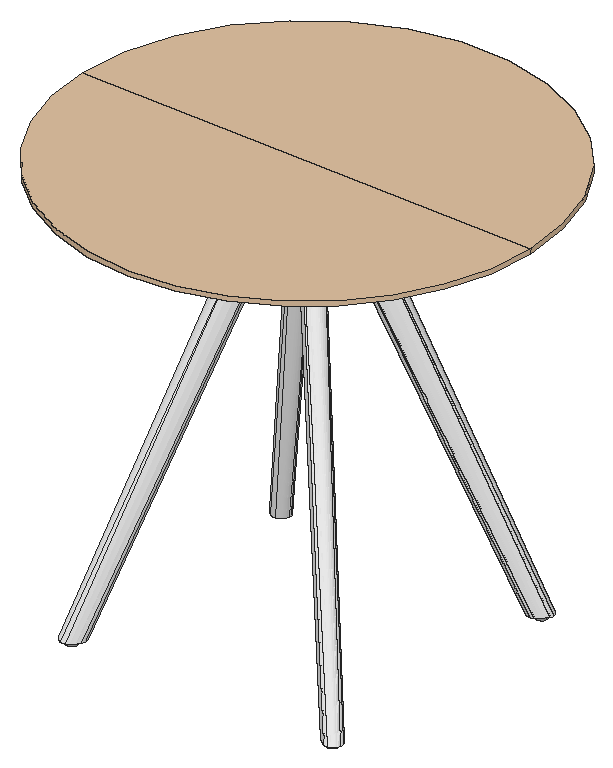
Revit family "FU_Table_Sandler_Stiks 8-2", category Furniture, Revit 2020
Family settings
  OmniClass Number = 23.40.20.00
  OmniClass Title = General Furniture and Specialties
  Work Plane-Based = No
  Always vertical = Yes
  Cut with Voids When Loaded = No
  Shared = No
  Room Calculation Point = No
Parameters (values of type "Stiks 8.2 - 80cm / 32" Top")
  Frame Width = 505 mm  # constant formula
  URL = "https://www.sandlerseating.com/product/stiks-8-2/"
  Top Finish [instance] = Wood - Oak - Natural - V
  Top Size = IC_TAP_Round : TAP0080 - 80cm / 32" Diameter
  Model = "Stiks 8.2"
  Manufacturer = "Sandler"
  Height = 750 mm  # constant formula
  Frame [instance] = Lacquer - W1 - W01 White
  Description = "Table with top and legs in natural oak. Tops and legs are available in natural oak color, lacquered or varnished."
  Frame Depth = 505 mm  # constant formula
  Default Elevation = 0 mm
Types (4, lengths in mm): name | Top Size
  (no name) | IC_TAP_Round : TAP0080 - 80cm / 32" Diameter
  Stiks 8.2 - 60cm / 24" Top | IC_TAP_Round : TAP0060 - 60cm / 24" Diameter
  Stiks 8.2 - 70cm / 28" Top | IC_TAP_Round : TAP0070 - 70cm / 28" Diameter
  Stiks 8.2 - 80cm / 32" Top | IC_TAP_Round : TAP0080 - 80cm / 32" Diameter
Reference planes
  plane 1 "Center (Front/Back)": y = 0
  plane 2: z = 0
  plane 3 "Center (Left/Right)": x = 0
  plane 4 "Right": x = -252.5
  plane 5 "Left": x = 252.5
  plane 6 "Back": y = 252.5
  plane 7 "Front": y = -252.5
  plane 8 "Height": z = 750
  plane 9 "Top Base": z = 727
  plane 10 "Left Legs FRONT": through (233.138, -1524, 10.462) normal (-0.96, 0, -0.28)
  plane 11 "Glide Heoght": z = 7.043
Forms (mm)
  Blend 1, solid, material "Lacquer - W1 - W01 White" <- "Frame"
    base sketch origin (0, 0, 0) x (1, 0, 0) y (0, 1, 0)
      loop
        arc (229.864, -250.295) -> (234.042, -251.328) -> (238.306, -250.747) r 11.457
        arc (238.306, -250.747) -> (246.288, -245.855) -> (250.906, -237.719) r 18.848
        arc (250.906, -237.719) -> (251.276, -233.75) -> (250.265, -229.894) r 11.457
        arc (250.265, -229.894) -> (243.412, -221) -> (234.794, -213.803) r 51.48
        arc (234.794, -213.803) -> (230.345, -212.136) -> (225.596, -212.391) r 11.457
        arc (225.596, -212.391) -> (216.946, -217.56) -> (212.195, -226.446) r 18.848
        arc (212.195, -226.446) -> (212.175, -230.787) -> (213.772, -234.824) r 11.457
        arc (213.772, -234.824) -> (220.97, -243.442) -> (229.864, -250.295) r 51.48
    top sketch origin (0, 0, 0) x (1, 0, 0) y (0, 1, 0)
      loop
        arc (23.886, -1.654) -> (6.502, -6.606) -> (1.538, -23.987) r 18.597
        arc (1.538, -23.987) -> (13.217, -39.618) -> (28.846, -51.303) r 68.199
        arc (28.846, -51.303) -> (46.236, -46.34) -> (51.187, -28.946) r 18.597
        arc (51.187, -28.946) -> (39.508, -13.328) -> (23.886, -1.654) r 68.199
    from 7.043 to 721
  Blend 2, solid, material "Lacquer - W1 - W01 White" <- "Frame"
    base sketch origin (0, 0, 0) x (-1, 0, 0) y (0, -1, 0)
      loop
        arc (229.864, 250.295) -> (220.97, 243.442) -> (213.772, 234.824) r 51.48
        arc (213.772, 234.824) -> (212.175, 230.787) -> (212.195, 226.446) r 11.457
        arc (212.195, 226.446) -> (216.946, 217.56) -> (225.596, 212.391) r 18.848
        arc (225.596, 212.391) -> (230.345, 212.136) -> (234.794, 213.803) r 11.457
        arc (234.794, 213.803) -> (243.412, 221) -> (250.265, 229.894) r 51.48
        arc (250.265, 229.894) -> (251.276, 233.75) -> (250.906, 237.719) r 11.457
        arc (250.906, 237.719) -> (246.288, 245.855) -> (238.306, 250.747) r 18.848
        arc (238.306, 250.747) -> (234.042, 251.328) -> (229.864, 250.295) r 11.457
    top sketch origin (0, 0, 0) x (-1, 0, 0) y (0, -1, 0)
      loop
        arc (23.886, 1.654) -> (39.508, 13.328) -> (51.187, 28.946) r 68.199
        arc (51.187, 28.946) -> (46.236, 46.34) -> (28.846, 51.303) r 18.597
        arc (28.846, 51.303) -> (13.217, 39.618) -> (1.538, 23.987) r 68.199
        arc (1.538, 23.987) -> (6.502, 6.606) -> (23.886, 1.654) r 18.597
    from 7.043 to 721
  Blend 3, solid, material "Lacquer - W1 - W01 White" <- "Frame"
    base sketch origin (0, 0, 0) x (-1, 0, 0) y (0, -1, 0)
      loop
        arc (229.864, -250.295) -> (234.042, -251.328) -> (238.306, -250.747) r 11.457
        arc (238.306, -250.747) -> (246.288, -245.855) -> (250.906, -237.719) r 18.848
        arc (250.906, -237.719) -> (251.276, -233.75) -> (250.265, -229.894) r 11.457
        arc (250.265, -229.894) -> (243.412, -221) -> (234.794, -213.803) r 51.48
        arc (234.794, -213.803) -> (230.345, -212.136) -> (225.596, -212.391) r 11.457
        arc (225.596, -212.391) -> (216.946, -217.56) -> (212.195, -226.446) r 18.848
        arc (212.195, -226.446) -> (212.175, -230.787) -> (213.772, -234.824) r 11.457
        arc (213.772, -234.824) -> (220.97, -243.442) -> (229.864, -250.295) r 51.48
    top sketch origin (0, 0, 0) x (-1, 0, 0) y (0, -1, 0)
      loop
        arc (23.886, -1.654) -> (6.502, -6.606) -> (1.538, -23.987) r 18.597
        arc (1.538, -23.987) -> (13.217, -39.618) -> (28.846, -51.303) r 68.199
        arc (28.846, -51.303) -> (46.236, -46.34) -> (51.187, -28.946) r 18.597
        arc (51.187, -28.946) -> (39.508, -13.328) -> (23.886, -1.654) r 68.199
    from 7.043 to 721
  Blend 4, solid, material "Lacquer - W1 - W01 White" <- "Frame"
    base sketch origin (0, 0, 0) x (1, 0, 0) y (0, 1, 0)
      loop
        arc (229.864, 250.295) -> (220.97, 243.442) -> (213.772, 234.824) r 51.48
        arc (213.772, 234.824) -> (212.175, 230.787) -> (212.195, 226.446) r 11.457
        arc (212.195, 226.446) -> (216.946, 217.56) -> (225.596, 212.391) r 18.848
        arc (225.596, 212.391) -> (230.345, 212.136) -> (234.794, 213.803) r 11.457
        arc (234.794, 213.803) -> (243.412, 221) -> (250.265, 229.894) r 51.48
        arc (250.265, 229.894) -> (251.276, 233.75) -> (250.906, 237.719) r 11.457
        arc (250.906, 237.719) -> (246.288, 245.855) -> (238.306, 250.747) r 18.848
        arc (238.306, 250.747) -> (234.042, 251.328) -> (229.864, 250.295) r 11.457
    top sketch origin (0, 0, 0) x (1, 0, 0) y (0, 1, 0)
      loop
        arc (23.886, 1.654) -> (39.508, 13.328) -> (51.187, 28.946) r 68.199
        arc (51.187, 28.946) -> (46.236, 46.34) -> (28.846, 51.303) r 18.597
        arc (28.846, 51.303) -> (13.217, 39.618) -> (1.538, 23.987) r 68.199
        arc (1.538, 23.987) -> (6.502, 6.606) -> (23.886, 1.654) r 18.597
    from 7.043 to 721
  Extrusion 5, solid, material "Metal - Steel - Matt-Satin"
    sketch origin (0, 0, 727) x (-1, 0, 0) y (0, -1, 0)
      loop
        circle (0, 0) r 120
    from 0 to -7.973
  Extrusion 6, solid, material "Rubber, Black"
    sketch origin (0, 0, 0) x (1, 0, 0) y (0, 1, 0)
      loop
        circle (-232.501, -232.813) r 10
    from 0 to 7.043
  Extrusion 7, solid, material "Rubber, Black"
    sketch origin (0, 0, 0) x (-1, 0, 0) y (0, -1, 0)
      loop
        circle (-232.501, 232.813) r 10
    from 0 to 7.043
  Extrusion 8, solid, material "Rubber, Black"
    sketch origin (0, 0, 0) x (1, 0, 0) y (0, 1, 0)
      loop
        circle (-232.501, 232.813) r 10
    from 0 to 7.043
  Extrusion 9, solid, material "Rubber, Black"
    sketch origin (0, 0, 0) x (-1, 0, 0) y (0, -1, 0)
      loop
        circle (-232.501, -232.813) r 10
    from 0 to 7.043
Dimensions and locks
  equal spacing: plane 4 "Right", plane 3 "Center (Left/Right)", plane 5 "Left"
  "Frame Width": plane 4 "Right" to plane 5 "Left"
  equal spacing: plane 6 "Back", plane 1 "Center (Front/Back)", plane 7 "Front"
  "Frame Depth": plane 6 "Back" to plane 7 "Front"
  "Height": plane 8 "Height" to level
  plane 8 "Height" to plane 9 "Top Base" = 23 mm
  aligned and locked: level to plane 2
  aligned and locked: Blend 1 to plane 11 "Glide Heoght"
Automatic sketch dimensions
  Blend 1 sketch curve to plane 7 "Front" = 4.179 mm
  plane 5 "Left" to Blend 1 sketch curve = 46.199 mm
  plane 5 "Left" to Blend 1 sketch curve = 29.065 mm
  Blend 1 sketch curve to Blend 1 sketch curve = 5.202 mm  (x4)
  Blend 1 sketch curve to Blend 1 sketch curve = 1.95 mm  (x2)
  Blend 1 sketch curve to Blend 1 sketch curve = 2.169 mm  (x2)
  Blend 1 sketch curve to Blend 1 sketch curve = 1.9 mm  (x2)
  Blend 1 sketch curve to plane 5 "Left" = 4.149 mm
  plane 7 "Front" to Blend 1 sketch curve = 12.613 mm
  Blend 1 sketch curve to Blend 1 sketch curve = 17.134 mm
  Blend 1 sketch curve to Blend 1 sketch curve = 11.24 mm
  Blend 1 sketch curve to Blend 1 sketch curve = 1.578 mm
  Blend 1 sketch curve to Blend 1 sketch curve = 3.04 mm
  Blend 1 sketch curve to Blend 1 sketch curve = 0.007 mm  (x2)
  plane 7 "Front" to Blend 1 sketch curve = 2.205 mm
  Blend 1 sketch curve to Blend 1 sketch curve = 4.792 mm
  Blend 1 sketch curve to Blend 1 sketch curve = 9.191 mm
  plane 7 "Front" to Blend 1 sketch curve = 1.753 mm
  plane 5 "Left" to Blend 1 sketch curve = 2.235 mm
  plane 5 "Left" to Blend 1 sketch curve = 1.594 mm
  Blend 1 sketch curve to Blend 1 sketch curve = 0.025 mm
  Blend 1 sketch curve to plane 3 "Center (Left/Right)" = 8.71 mm
  plane 3 "Center (Left/Right)" to Blend 1 sketch curve = 19.647 mm
  Blend 1 sketch curve to Blend 1 sketch curve = 13.434 mm  (x2)
  Blend 1 sketch curve to plane 1 "Center (Front/Back)" = 8.599 mm
  Blend 1 sketch curve to Blend 1 sketch curve = 28.366 mm
  plane 1 "Center (Front/Back)" to Blend 1 sketch curve = 19.761 mm
  Blend 1 sketch curve to Blend 1 sketch curve = 28.364 mm
  plane 3 "Center (Left/Right)" to Blend 1 sketch curve = 1.538 mm
  Blend 1 sketch curve to Blend 1 sketch curve = 4.239 mm
  Blend 1 sketch curve to Blend 1 sketch curve = 4.236 mm
  Blend 1 sketch curve to Blend 1 sketch curve = 18.105 mm
  plane 7 "Front" to Blend 2 sketch curve = 4.179 mm
  plane 4 "Right" to Blend 2 sketch curve = 46.199 mm
  plane 4 "Right" to Blend 2 sketch curve = 29.065 mm
  Blend 2 sketch curve to Blend 2 sketch curve = 5.202 mm  (x4)
  Blend 2 sketch curve to Blend 2 sketch curve = 1.95 mm  (x2)
  Blend 2 sketch curve to Blend 2 sketch curve = 2.169 mm  (x2)
  Blend 2 sketch curve to Blend 2 sketch curve = 1.9 mm  (x2)
  Blend 2 sketch curve to plane 4 "Right" = 4.149 mm
  Blend 2 sketch curve to plane 7 "Front" = 12.613 mm
  Blend 2 sketch curve to Blend 2 sketch curve = 17.134 mm
  Blend 2 sketch curve to Blend 2 sketch curve = 11.24 mm
  Blend 2 sketch curve to Blend 2 sketch curve = 1.578 mm
  Blend 2 sketch curve to Blend 2 sketch curve = 3.04 mm
  Blend 2 sketch curve to Blend 2 sketch curve = 0.007 mm  (x2)
  Blend 2 sketch curve to plane 7 "Front" = 2.205 mm
  Blend 2 sketch curve to Blend 2 sketch curve = 4.792 mm
  Blend 2 sketch curve to Blend 2 sketch curve = 9.191 mm
  Blend 2 sketch curve to plane 7 "Front" = 1.753 mm
  plane 4 "Right" to Blend 2 sketch curve = 2.235 mm
  plane 4 "Right" to Blend 2 sketch curve = 1.594 mm
  Blend 2 sketch curve to Blend 2 sketch curve = 0.025 mm
  Blend 2 sketch curve to plane 3 "Center (Left/Right)" = 8.71 mm
  plane 3 "Center (Left/Right)" to Blend 2 sketch curve = 19.647 mm
  Blend 2 sketch curve to Blend 2 sketch curve = 13.434 mm  (x2)
  plane 1 "Center (Front/Back)" to Blend 2 sketch curve = 8.599 mm
  Blend 2 sketch curve to Blend 2 sketch curve = 28.366 mm
  Blend 2 sketch curve to plane 1 "Center (Front/Back)" = 19.761 mm
  Blend 2 sketch curve to Blend 2 sketch curve = 28.364 mm
  plane 3 "Center (Left/Right)" to Blend 2 sketch curve = 1.538 mm
  Blend 2 sketch curve to Blend 2 sketch curve = 4.239 mm
  Blend 2 sketch curve to Blend 2 sketch curve = 4.236 mm
  Blend 2 sketch curve to Blend 2 sketch curve = 18.105 mm
  plane 6 "Back" to Blend 3 sketch curve = 4.179 mm
  Blend 3 sketch curve to plane 4 "Right" = 46.199 mm
  Blend 3 sketch curve to plane 4 "Right" = 29.065 mm
  Blend 3 sketch curve to Blend 3 sketch curve = 5.202 mm  (x4)
  Blend 3 sketch curve to Blend 3 sketch curve = 1.95 mm  (x2)
  Blend 3 sketch curve to Blend 3 sketch curve = 2.169 mm  (x2)
  Blend 3 sketch curve to Blend 3 sketch curve = 1.9 mm  (x2)
  plane 4 "Right" to Blend 3 sketch curve = 4.149 mm
  Blend 3 sketch curve to plane 6 "Back" = 12.613 mm
  Blend 3 sketch curve to Blend 3 sketch curve = 17.134 mm
  Blend 3 sketch curve to Blend 3 sketch curve = 11.24 mm
  Blend 3 sketch curve to Blend 3 sketch curve = 1.578 mm
  Blend 3 sketch curve to Blend 3 sketch curve = 3.04 mm
  Blend 3 sketch curve to Blend 3 sketch curve = 0.007 mm  (x2)
  Blend 3 sketch curve to plane 6 "Back" = 2.205 mm
  Blend 3 sketch curve to Blend 3 sketch curve = 4.792 mm
  Blend 3 sketch curve to Blend 3 sketch curve = 9.191 mm
  Blend 3 sketch curve to plane 6 "Back" = 1.753 mm
  Blend 3 sketch curve to plane 4 "Right" = 2.235 mm
  Blend 3 sketch curve to plane 4 "Right" = 1.594 mm
  Blend 3 sketch curve to Blend 3 sketch curve = 0.025 mm
  plane 3 "Center (Left/Right)" to Blend 3 sketch curve = 8.71 mm
  Blend 3 sketch curve to plane 3 "Center (Left/Right)" = 19.647 mm
  Blend 3 sketch curve to Blend 3 sketch curve = 13.434 mm  (x2)
  plane 1 "Center (Front/Back)" to Blend 3 sketch curve = 8.599 mm
  Blend 3 sketch curve to Blend 3 sketch curve = 28.366 mm
  Blend 3 sketch curve to plane 1 "Center (Front/Back)" = 19.761 mm
  Blend 3 sketch curve to Blend 3 sketch curve = 28.364 mm
  Blend 3 sketch curve to plane 3 "Center (Left/Right)" = 1.538 mm
  Blend 3 sketch curve to Blend 3 sketch curve = 4.239 mm
  Blend 3 sketch curve to Blend 3 sketch curve = 4.236 mm
  Blend 3 sketch curve to Blend 3 sketch curve = 18.105 mm
  Blend 4 sketch curve to plane 6 "Back" = 4.179 mm
  Blend 4 sketch curve to plane 5 "Left" = 46.199 mm
  Blend 4 sketch curve to plane 5 "Left" = 29.065 mm
  Blend 4 sketch curve to Blend 4 sketch curve = 5.202 mm  (x4)
  Blend 4 sketch curve to Blend 4 sketch curve = 1.95 mm  (x2)
  Blend 4 sketch curve to Blend 4 sketch curve = 2.169 mm  (x2)
  Blend 4 sketch curve to Blend 4 sketch curve = 1.9 mm  (x2)
  plane 5 "Left" to Blend 4 sketch curve = 4.149 mm
  plane 6 "Back" to Blend 4 sketch curve = 12.613 mm
  Blend 4 sketch curve to Blend 4 sketch curve = 17.134 mm
  Blend 4 sketch curve to Blend 4 sketch curve = 11.24 mm
  Blend 4 sketch curve to Blend 4 sketch curve = 1.578 mm
  Blend 4 sketch curve to Blend 4 sketch curve = 3.04 mm
  Blend 4 sketch curve to Blend 4 sketch curve = 0.007 mm  (x2)
  plane 6 "Back" to Blend 4 sketch curve = 2.205 mm
  Blend 4 sketch curve to Blend 4 sketch curve = 4.792 mm
  Blend 4 sketch curve to Blend 4 sketch curve = 9.191 mm
  plane 6 "Back" to Blend 4 sketch curve = 1.753 mm
  Blend 4 sketch curve to plane 5 "Left" = 2.235 mm
  Blend 4 sketch curve to plane 5 "Left" = 1.594 mm
  Blend 4 sketch curve to Blend 4 sketch curve = 0.025 mm
  plane 3 "Center (Left/Right)" to Blend 4 sketch curve = 8.71 mm
  Blend 4 sketch curve to plane 3 "Center (Left/Right)" = 19.647 mm
  Blend 4 sketch curve to Blend 4 sketch curve = 13.434 mm  (x2)
  Blend 4 sketch curve to plane 1 "Center (Front/Back)" = 8.599 mm
  Blend 4 sketch curve to Blend 4 sketch curve = 28.366 mm
  plane 1 "Center (Front/Back)" to Blend 4 sketch curve = 19.761 mm
  Blend 4 sketch curve to Blend 4 sketch curve = 28.364 mm
  Blend 4 sketch curve to plane 3 "Center (Left/Right)" = 1.538 mm
  Blend 4 sketch curve to Blend 4 sketch curve = 4.239 mm
  Blend 4 sketch curve to Blend 4 sketch curve = 4.236 mm
  Blend 4 sketch curve to Blend 4 sketch curve = 18.105 mm
  plane 1 "Center (Front/Back)" to Extrusion 5 sketch curve = 0 mm
  Extrusion 5 sketch curve to plane 3 "Center (Left/Right)" = 0 mm
  Extrusion 6 sketch curve to plane 4 "Right" = 19.999 mm
  plane 7 "Front" to Extrusion 6 sketch curve = 19.687 mm
  Extrusion 7 sketch curve to plane 5 "Left" = 19.999 mm
  Extrusion 7 sketch curve to plane 7 "Front" = 19.687 mm
  plane 4 "Right" to Extrusion 8 sketch curve = 19.999 mm
  plane 6 "Back" to Extrusion 8 sketch curve = 19.687 mm
  plane 5 "Left" to Extrusion 9 sketch curve = 19.999 mm
  Extrusion 9 sketch curve to plane 6 "Back" = 19.687 mm
  radius of Extrusion 5 sketch curve = 120 mm
  radius of Extrusion 6 sketch curve = 10 mm
  radius of Extrusion 7 sketch curve = 10 mm
  radius of Extrusion 8 sketch curve = 10 mm
  radius of Extrusion 9 sketch curve = 10 mm
Nested families
  nested 1: "IC_TAP_Round" at (0, 0, 0), Top Material <- "Top Finish", type <- "Top Size", type "TAP0080 - 80cm / 32" Diameter"
    with Top Material Wood - Oak - Natural - V
Definition of nested family "IC_TAP_Round"
  Parameters (values of type "TAP0080 - 80cm / 32" Diameter")
    Width = 800 mm
    Top Material [instance] = none
    Height = 750 mm
    Depth = Width  # 800 mm
    Default Elevation = 0 mm
  Types (6, lengths in mm): name | Width | Depth
    (no name) | 800 | 800
    TAP0080 - 80cm / 32" Diameter | 800 | 800
    TAP0060 - 60cm / 24" Diameter | 600 | 600
    TAP0070 - 70cm / 28" Diameter | 700 | 700
    TAP0090 - 90cm / 36" Diameter | 900 | 900
    TAP0100 - 100cm / 40" Diameter | 1000 | 1000
  Reference planes
    plane 1 "Center (Front/Back)": y = 0
    plane 2: z = 0
    plane 3 "Center (Left/Right)": x = 0
    plane 4 "Right": x = -400
    plane 5 "Left": x = 400
    plane 6 "Back": y = 400
    plane 7 "Front": y = -400
    plane 8 "Height": z = 750
    plane 9 "Top Base": z = 727
    plane 10 "Chamfer": x = -358
  Forms (mm)
    Revolve 1, solid, material <- "Top Material"
      sketch origin (0, 0, 0) x (1, 0, 0) y (0, 0, 1)
        loop
          line (0, 750) -> (-400, 750) -> (-400, 741.904) -> (-375.437, 731.086)
          arc (-375.437, 731.086) -> (-366.908, 728.235) -> (-358, 727) r 48.748
          line (-358, 727) -> (0, 727) -> (0, 750)
        axis (0, 750) -> (0, 727)
      angle from 0 to 360
  Dimensions and locks
    equal spacing: plane 4 "Right", plane 3 "Center (Left/Right)", plane 5 "Left"
    "Width": plane 4 "Right" to plane 5 "Left"
    equal spacing: plane 6 "Back", plane 1 "Center (Front/Back)", plane 7 "Front"
    "Depth": plane 6 "Back" to plane 7 "Front"
    "Height": plane 8 "Height" to level
    locked: plane 8 "Height" to plane 9 "Top Base" at 23
    locked: plane 4 "Right" to plane 10 "Chamfer" at 42
    aligned and locked: level to plane 2
  Automatic sketch dimensions
    plane 4 "Right" to Revolve 1 sketch curve = 0 mm
    plane 10 "Chamfer" to Revolve 1 sketch curve = 0 mm
    Revolve 1 sketch curve to plane 3 "Center (Left/Right)" = 0 mm  (x2)
    Revolve 1 sketch curve to plane 8 "Height" = 0 mm
    Revolve 1 sketch curve to plane 10 "Chamfer" = 2.213 mm
    Revolve 1 sketch curve to Revolve 1 sketch curve = 8.096 mm
    plane 9 "Top Base" to Revolve 1 sketch curve = 4.086 mm
    plane 10 "Chamfer" to Revolve 1 sketch curve = 17.437 mm
    Revolve 1 sketch curve to plane 9 "Top Base" = 32 mm
    Revolve 1 sketch curve to Revolve 1 sketch curve = 30 mm
    Revolve 1 sketch curve to plane 9 "Top Base" = 0 mm
